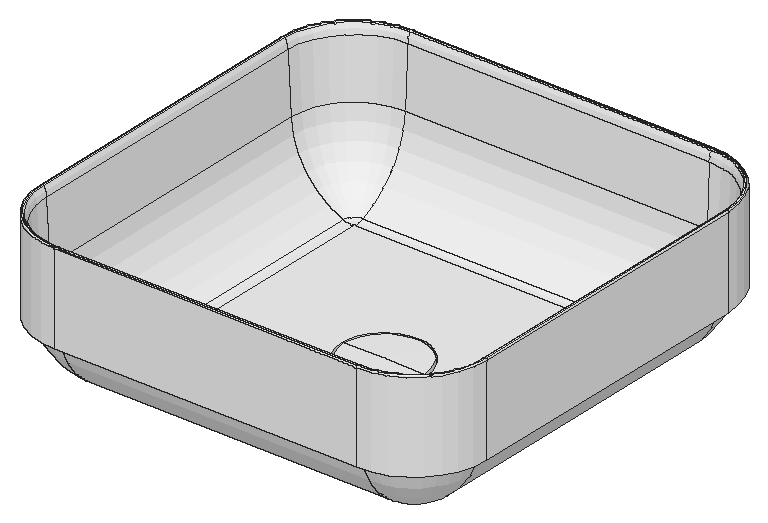
Revit family "Reece_Basin_Roca_Inspira_Semi Inset Basin_Square_370 mm", category Plumbing Fixtures, host Face, Revit 2018
Family settings
  Host = Face
  Round Connector Dimension = Use Diameter
  Part Type = Normal
  Cut with Voids When Loaded = No
  Shared = Yes
  Room Calculation Point = Yes
Parameters (values of type "No Taphole_FINECERAMIC")
  WFU = 0  # constant formula
  URL = "https://www.reece.com.au/product/-9507165"
  Type Comments = "Basin"
  Reece_Product_Web Page = "https://www.reece.com.au/product/-9507165"
  Reece_Product_Type = "Basin"  # constant formula
  Reece_Product_Sub Brand = "Inspira"  # constant formula
  Reece_Product_Number = "9507165"
  Reece_Product_Mount = "Semi Inset"
  Reece_Product_Description = "Roca Inspira Square Semi Inset Basin 370mm x 370mm Gloss White"
  Reece_Product_Brand = "Roca"  # constant formula
  Reece_Overall_Width = 370 mm  # constant formula
  Reece_Overall_Length = 370 mm  # constant formula
  Reece_Overall_Height = 120 mm  # constant formula
  Reece_Overall_Capacity = 10.00 L  # constant formula
  Reece_Material_Main = Reece_FINECERAMIC_White
  Reece_Detail_Installation = "Semi Inset Basin"  # constant formula
  Reece_Detail_Disclaimer = "THIS FILE IS THE PROPERTY OF THE REECE GROUP. IT MAY NOT BE REPRODUCED, REVERSE-ENGINEERED OR MODIFIED. ANY REPUBLICATION, TRANSMISSION OR DISTRIBUTION FOR THE PURPOSE OF COMMERCIALLY EXPLOITING THE FILES IS PROHIBITED."  # constant formula
  Reece_Detail_Connector = "No Taphole"  # constant formula
  Reece_Detail_Additional = ""
  Reece_Basin_Outlet = 46 mm  # constant formula
  Model = "Inspira"
  Manufacturer = "Roca"
  Keynote = "Product #9507165, Reece_Basin_Roca_Inspira_Semi Inset Basin_Square_370 mm - No Taphole_FINECERAMIC"
  HWFU = 0  # constant formula
  Disclaimer = "THIS FILE IS THE PROPERTY OF THE REECE GROUP. IT MAY NOT BE REPRODUCED, REVERSE-ENGINEERED OR MODIFIED. ANY REPUBLICATION, TRANSMISSION OR DISTRIBUTION FOR THE PURPOSE OF COMMERCIALLY EXPLOITING THE FILES IS PROHIBITED."  # constant formula
  Description = "Roca The Gap Semi Inset Basin 450mm x 410mm 1 Taphole White"
  Default Elevation = 1000 mm
  CWFU = 0  # constant formula
Reference planes
  plane 1 "Center (Front/Back)": y = -79.125
  plane 2 "Bottom": z = 0
  plane 3 "Center (Left/Right)": x = 0
  plane 4: y = 105.875
  plane 5: x = 185
  plane 6: x = -185
  plane 7: y = -264.125
  plane 8: z = 75
  plane 9: z = -45
  plane 10: z = -84
Forms (mm)
  Sweep 1, solid, material "Reece_FINECERAMIC_White" <- "Reece_Material_Main"
    path origin (0, 0, 0) x (1, 0, 0) y (0, 1, 0)
      loop
        arc (-125, 105.875) -> (-167.426, 88.302) -> (-185, 45.875) r 60
        line (-185, 45.875) -> (-185, -204.125)
        arc (-185, -204.125) -> (-167.426, -246.551) -> (-125, -264.125) r 60
        line (-125, -264.125) -> (125, -264.125)
        arc (125, -264.125) -> (167.426, -246.551) -> (185, -204.125) r 60
        line (185, -204.125) -> (185, 45.875)
        arc (185, 45.875) -> (167.426, 88.302) -> (125, 105.875) r 60
        line (125, 105.875) -> (-125, 105.875)
    profile origin (0, 105.875, 0) x (0, 1, 0) y (0, 0, 1)
      loop
        arc (0.008, 74) -> (-0.285, 74.707) -> (-0.992, 75) r 1
        line (-0.992, 75) -> (-1.874, 75)
        arc (-1.874, 75) -> (-2.397, 74.853) -> (-2.765, 74.454) r 1
        arc (-2.765, 74.454) -> (-4.262, 70.553) -> (-4.915, 66.426) r 20
        line (-4.915, 66.426) -> (-7.471, 17.651)
        arc (-7.471, 17.651) -> (-20.339, -19.267) -> (-51, -43.526) r 70
        arc (-51, -43.526) -> (-54.696, -44.628) -> (-58.536, -45) r 20
        line (-58.536, -45) -> (-59.404, -45) -> (-59.404, -50.002)
        arc (-59.404, -50.002) -> (-22.137, -28.055) -> (-4.546, 11.453) r 70.921
        line (-4.546, 11.453) -> (-2.527, 0) -> (0.008, 0) -> (0.008, 74)
  Extrusion 2, solid, material "Reece_FINECERAMIC_White" <- "Reece_Material_Main"
    sketch origin (0, 0, 0) x (1, 0, 0) y (0, 1, 0)
      loop
        arc (-125, 46.472) -> (-125.422, 46.297) -> (-125.596, 45.875) r 0.596
        line (-125.596, 45.875) -> (-125.596, -204.125)
        arc (-125.596, -204.125) -> (-125.422, -204.546) -> (-125, -204.721) r 0.596
        line (-125, -204.721) -> (125, -204.721)
        arc (125, -204.721) -> (125.422, -204.546) -> (125.596, -204.125) r 0.596
        line (125.596, -204.125) -> (125.596, 45.875)
        arc (125.596, 45.875) -> (125.422, 46.297) -> (125, 46.472) r 0.596
        line (125, 46.472) -> (-125, 46.472)
    from -50 to -45
  Revolve 3, solid, material "Reece_FINECERAMIC_White" <- "Reece_Material_Main"
    sketch origin (0, -79.125, -48.125) x (1, 0, 0) y (0, 0, 1)
      loop
        line (0, -3.19) -> (0, 4.096)
        arc (0, 4.096) -> (-16.586, 3.979) -> (-33.164, 3.462) r 685.858
        line (-33.164, 3.462) -> (-33.164, -3.19) -> (-29.746, -3.19) -> (-28.177, -7.5) -> (-23.036, -7.5) -> (-23.036, -3.19) -> (0, -3.19)
      axis (0, 4.096) -> (0, -7.5)
    angle from 0 to 360
  Revolve 4, solid, material "Reece_FINECERAMIC_White" <- "Reece_Material_Main"
    sketch origin (0, -79.125, -45) x (1, 0, 0) y (0, 0, 1)
      loop
        line (-23.001, -5) -> (-44.738, -5)
        arc (-44.738, -5) -> (-41.627, -5.617) -> (-38.988, -7.375) r 8.146
        arc (-38.988, -7.375) -> (-38.097, -8.705) -> (-37.784, -10.275) r 4.093
        line (-37.784, -10.275) -> (-37.784, -18.432)
        arc (-37.784, -18.432) -> (-37.381, -19.848) -> (-36.292, -20.838) r 2.685
        line (-36.292, -20.838) -> (-33.659, -22.143)
        arc (-33.659, -22.143) -> (-31.781, -23.85) -> (-31.086, -26.291) r 4.629
        line (-31.086, -26.291) -> (-31.086, -39) -> (-23.001, -39) -> (-23.001, -5)
      axis (0, -5) -> (0, -39)
    angle from 0 to 360
  Extrusion 5, void
    sketch origin (0, 0, 0) x (1, 0, 0) y (0, 1, 0)
      loop
        circle (0, -79.125) r 35
    from -118.263 to -22.093
  Extrusion 6, void
    sketch origin (0, 0, 0) x (1, 0, 0) y (0, 1, 0)
      loop
        arc (-125, 99.078) -> (-162.622, 83.495) -> (-178.205, 45.873) r 53.205
        line (-178.205, 45.873) -> (-178.208, -204.125)
        arc (-178.208, -204.125) -> (-162.624, -241.748) -> (-125, -257.332) r 53.208
        line (-125, -257.332) -> (125, -257.332)
        arc (125, -257.332) -> (162.624, -241.748) -> (178.208, -204.125) r 53.208
        line (178.208, -204.125) -> (178.208, 45.875)
        arc (178.208, 45.875) -> (162.624, 83.499) -> (125, 99.083) r 53.208
        line (125, 99.083) -> (-125, 99.078)
    from -50 to 11.453
  Extrusion 7, solid, material "Reece_FINECERAMIC_White" <- "Reece_Material_Main"
    sketch origin (0, 0, 0) x (1, 0, 0) y (0, 1, 0)
      loop
        arc (-111.22, 5.675) -> (-118.248, -29.465) -> (-120.604, -65.223) r 272.523
        line (-120.604, -65.223) -> (-120.604, -93.027)
        arc (-120.604, -93.027) -> (-118.248, -128.785) -> (-111.22, -163.924) r 272.523
        arc (-111.22, -163.924) -> (-101.664, -180.483) -> (-85.137, -190.096) r 37.148
        arc (-85.137, -190.096) -> (-49.565, -197.304) -> (-13.35, -199.721) r 272.523
        line (-13.35, -199.721) -> (13.35, -199.721)
        arc (13.35, -199.721) -> (49.565, -197.304) -> (85.137, -190.096) r 272.523
        arc (85.137, -190.096) -> (101.664, -180.483) -> (111.22, -163.924) r 37.148
        arc (111.22, -163.924) -> (118.248, -128.785) -> (120.604, -93.027) r 272.523
        line (120.604, -93.027) -> (120.604, -65.223)
        arc (120.604, -65.223) -> (118.248, -29.465) -> (111.22, 5.675) r 272.523
        arc (111.22, 5.675) -> (101.664, 22.234) -> (85.137, 31.847) r 37.148
        arc (85.137, 31.847) -> (49.565, 39.055) -> (13.35, 41.472) r 272.523
        line (13.35, 41.472) -> (-13.35, 41.472)
        arc (-13.35, 41.472) -> (-49.565, 39.055) -> (-85.137, 31.847) r 272.523
        arc (-85.137, 31.847) -> (-101.664, 22.234) -> (-111.22, 5.675) r 37.148
    from -50 to -45
Cuts and joins
  Extrusion 5 cuts Sweep 1
  Extrusion 5 cuts Extrusion 2
  Extrusion 5 cuts Extrusion 7
  joined: Sweep 1, Extrusion 2, Revolve 4, Extrusion 7
Lines and regions (mm)
  symbolic lines, style "PlumbingFixtures"
    curve 1: arc (-129.541, 85.62, 0) -> (0, 93.961, 0) -> (129.541, 85.62, 0) r 1010.094
    curve 2: arc (-129.541, -243.87, 0) -> (0, -252.211, 0) -> (129.541, -243.87, 0) r 1010.094
    curve 3: arc (-164.077, 51.108, 0) -> (-172.508, -79.125, 0) -> (-164.077, -209.357, 0) r 1010.094
    curve 4: arc (164.077, 51.108, 0) -> (172.508, -79.125, 0) -> (164.077, -209.357, 0) r 1010.094
    curve 5: arc (-164.077, 51.108, 0) -> (-152.685, 74.245, 0) -> (-129.541, 85.62, 0) r 40
    curve 6: arc (129.541, 85.62, 0) -> (152.685, 74.245, 0) -> (164.077, 51.108, 0) r 40
    curve 7: arc (-164.077, -209.357, 0) -> (-152.685, -232.494, 0) -> (-129.541, -243.87, 0) r 40
    curve 8: arc (129.541, -243.87, 0) -> (152.685, -232.494, 0) -> (164.077, -209.357, 0) r 40
Text (mm)
  text "Reece Copyright © 2018, Reece Ltd." at (-902.343, -740.328, 0), in view "Ref. Level"
  text "Reece ©" at (44.384, 258.95, 192.345), in view "Reece Preview"
Dimensions and locks
  equal spacing: plane 6, plane 3 "Center (Left/Right)", plane 5
  "Reece_Overall_Width": plane 6 to plane 5
  "Reece_Overall_Length": plane 4 to plane 7
  equal spacing: plane 4, plane 1 "Center (Front/Back)", plane 7
  plane 8 to host face = 75 mm  (x2)
  plane 8 to plane 10 = 159 mm  (x2)
  "Reece_Overall_Height": plane 9 to plane 8
  plane 8 to plane 9 = 120 mm
  "Reece_Overall_Width": plane 5 to plane 8
  "Reece_Overall_Length": plane 4 to plane 8
  aligned and locked: host face to plane 2 "Bottom"
  aligned and locked: level to host face
Automatic sketch dimensions
  host sketch curve to host sketch curve = 801.051 mm
  host sketch curve to host sketch curve = 660.299 mm
  Revolve 3 sketch curve to plane 9 = 10.625 mm
  Revolve 3 sketch curve to plane 3 "Center (Left/Right)" = 0 mm  (x2)
  Revolve 3 sketch curve to plane 3 "Center (Left/Right)" = 3.459 mm
  Revolve 3 sketch curve to plane 9 = 6.315 mm  (x2)
  Revolve 3 sketch curve to Revolve 3 sketch curve = 23.036 mm
  Revolve 3 sketch curve to Revolve 3 sketch curve = 5.141 mm
  Revolve 3 sketch curve to Revolve 3 sketch curve = 1.569 mm
  Revolve 3 sketch curve to Revolve 3 sketch curve = 3.418 mm
  Revolve 3 sketch curve to plane 9 = 684.878 mm
  Revolve 3 sketch curve to Revolve 3 sketch curve = 6.651 mm
  Revolve 3 sketch curve to Revolve 3 sketch curve = 0 mm  (x2)
  plane 1 "Center (Front/Back)" to Extrusion 5 sketch curve = 0 mm
  Extrusion 5 sketch curve to plane 3 "Center (Left/Right)" = 0 mm
  Extrusion 7 sketch curve to plane 3 "Center (Left/Right)" = 75.352 mm
  Extrusion 7 sketch curve to plane 3 "Center (Left/Right)" = 13.35 mm  (x2)
  Extrusion 7 sketch curve to plane 7 = 33.074 mm
  Extrusion 7 sketch curve to plane 1 "Center (Front/Back)" = 75.136 mm
  Extrusion 7 sketch curve to Extrusion 7 sketch curve = 9.785 mm  (x2)
  Extrusion 7 sketch curve to Extrusion 7 sketch curve = 0 mm  (x10)
  Extrusion 7 sketch curve to Extrusion 7 sketch curve = 26.083 mm  (x4)
  plane 3 "Center (Left/Right)" to Extrusion 7 sketch curve = 13.35 mm  (x2)
  Extrusion 7 sketch curve to Extrusion 7 sketch curve = 71.788 mm  (x2)
  Extrusion 7 sketch curve to plane 1 "Center (Front/Back)" = 13.902 mm  (x2)
  Extrusion 7 sketch curve to plane 6 = 64.396 mm
  plane 1 "Center (Front/Back)" to Extrusion 7 sketch curve = 13.902 mm  (x2)
  Extrusion 7 sketch curve to Extrusion 7 sketch curve = 9.384 mm
  Extrusion 7 sketch curve to Extrusion 7 sketch curve = 35.869 mm
  Revolve 4 sketch curve to plane 10 = 0 mm
  Revolve 4 sketch curve to plane 3 "Center (Left/Right)" = 0 mm
  Revolve 4 sketch curve to plane 3 "Center (Left/Right)" = 23.001 mm
  Revolve 4 sketch curve to Revolve 4 sketch curve = 8.084 mm
  plane 10 to Revolve 4 sketch curve = 16.857 mm
  Revolve 4 sketch curve to Revolve 4 sketch curve = 2.573 mm
  Revolve 4 sketch curve to Revolve 4 sketch curve = 1.44 mm
  Revolve 4 sketch curve to Revolve 4 sketch curve = 2.056 mm
  plane 10 to Revolve 4 sketch curve = 18.162 mm
  Revolve 4 sketch curve to Revolve 4 sketch curve = 1.193 mm
  Revolve 4 sketch curve to Revolve 4 sketch curve = 2.685 mm
  Revolve 4 sketch curve to Revolve 4 sketch curve = 4.093 mm
  Revolve 4 sketch curve to Revolve 4 sketch curve = 2.86 mm
  Revolve 4 sketch curve to Revolve 4 sketch curve = 8.146 mm
  Revolve 4 sketch curve to Revolve 4 sketch curve = 2.871 mm
  Revolve 4 sketch curve to plane 9 = 14.488 mm
  plane 9 to Revolve 4 sketch curve = 3 mm
  Sweep 1 sketch curve to plane 6 = 0 mm
  Sweep 1 sketch curve to plane 4 = 0 mm
  plane 7 to Sweep 1 sketch curve = 0 mm
  Sweep 1 sketch curve to plane 5 = 0 mm
  Sweep 1 sketch curve to plane 6 = 60 mm
  Sweep 1 sketch curve to plane 4 = 60 mm
  Sweep 1 sketch curve to plane 5 = 60 mm  (x2)
  Revolve 4 sketch curve to Revolve 4 sketch curve = 5.287 mm
  Extrusion 2 sketch curve to plane 6 = 59.404 mm
  Extrusion 2 sketch curve to Extrusion 2 sketch curve = 0.596 mm  (x4)
  Extrusion 2 sketch curve to plane 7 = 60 mm
  Extrusion 2 sketch curve to plane 4 = 59.404 mm
  Extrusion 2 sketch curve to plane 5 = 60 mm
  curve 4 to plane 1 "Center (Front/Back)" = 0 mm
  curve 2 to plane 3 "Center (Left/Right)" = 0 mm
  curve 1 to plane 3 "Center (Left/Right)" = 0 mm
  plane 1 "Center (Front/Back)" to curve 3 = 0 mm
  curve 5 to plane 6 = 60.589 mm
  curve 6 to plane 5 = 60.589 mm
  curve 8 to plane 5 = 60.589 mm
  plane 5 to curve 3 = 652.586 mm
  curve 7 to plane 7 = 59.925 mm
  curve 8 to plane 7 = 59.925 mm
  curve 5 to plane 4 = 59.925 mm
  curve 6 to plane 4 = 59.925 mm
  curve 2 to plane 7 = 20.255 mm
  curve 1 to plane 4 = 20.255 mm
  curve 7 to curve 2 = 0 mm
  curve 5 to curve 1 = 0 mm
  curve 3 to curve 5 = 0 mm
  curve 6 to curve 1 = 0 mm
  curve 8 to curve 8 = 5.13 mm
  curve 2 to curve 8 = 0 mm
  curve 4 to curve 6 = 0 mm
  curve 8 to plane 5 = 20.923 mm
  curve 4 to curve 8 = 0 mm
  curve 7 to curve 3 = 0 mm
  Extrusion 6 sketch curve to plane 6 = 6.792 mm
  Extrusion 6 sketch curve to plane 7 = 6.792 mm
  Extrusion 6 sketch curve to plane 6 = 60 mm
  Extrusion 6 sketch curve to Extrusion 6 sketch curve = 53.21 mm
  Extrusion 6 sketch curve to Extrusion 6 sketch curve = 0.003 mm  (x2)
  Extrusion 6 sketch curve to Extrusion 6 sketch curve = 0 mm
  Extrusion 6 sketch curve to plane 5 = 6.792 mm
  Extrusion 6 sketch curve to Extrusion 6 sketch curve = 53.208 mm  (x2)
  Extrusion 6 sketch curve to Extrusion 6 sketch curve = 53.205 mm
  Extrusion 6 sketch curve to plane 4 = 60.003 mm
  Sweep 1 sketch curve to level = 0 mm
  level to Sweep 1 sketch curve = 21.315 mm
  Sweep 1 sketch curve to Sweep 1 sketch curve = 2.33 mm
  profile plane to Sweep 1 sketch curve = 59.404 mm
  Sweep 1 sketch curve to Sweep 1 sketch curve = 0.868 mm
  profile plane to Sweep 1 sketch curve = 4.915 mm
  profile plane to Sweep 1 sketch curve = 4.546 mm
  profile plane to Sweep 1 sketch curve = 2.527 mm
  profile plane to Sweep 1 sketch curve = 1.874 mm
  Sweep 1 sketch curve to Sweep 1 sketch curve = 0.882 mm
  Sweep 1 sketch curve to profile plane = 0.008 mm
  Sweep 1 sketch curve to profile plane = 15.057 mm
  Sweep 1 sketch curve to level = 25 mm
  Sweep 1 sketch curve to Sweep 1 sketch curve = 20 mm
  Sweep 1 sketch curve to Sweep 1 sketch curve = 5.002 mm
  level to Sweep 1 sketch curve = 11.453 mm
  Sweep 1 sketch curve to Sweep 1 sketch curve = 53.926 mm
  Sweep 1 sketch curve to Sweep 1 sketch curve = 1.047 mm
  Sweep 1 sketch curve to Sweep 1 sketch curve = 7.574 mm
  Sweep 1 sketch curve to Sweep 1 sketch curve = 0 mm  (x2)
  Sweep 1 sketch curve to Sweep 1 sketch curve = 7.536 mm
  Sweep 1 sketch curve to Sweep 1 sketch curve = 2.925 mm
  radius of Extrusion 5 sketch curve = 35 mm
Connectors
  piping at (0, -79.125, -84), diameter 46, driven by "Reece_Basin_Outlet"
    settings: on cut or joined group of Sweep 1, Extrusion 2, Revolve 4, Extrusion 5, Extrusion 7, index 1, connector inside diameter 609.6 mm, connector length 0 mm, flow factor 0, pipe flow 0.0 L/s, pressure drop 0.0 Pa, fitting loss kfactor 0, connector angle 0.00°, fixture units 0, engagement length 0 mm, angle of deflection 0.00°, flow configuration 0, flow direction 2, fitting loss method 0, system type 16, joint type 0, gender type 0, connector reference index -1, connector utility 0, adjustable connector no, is connector primary yes, connector description ""
